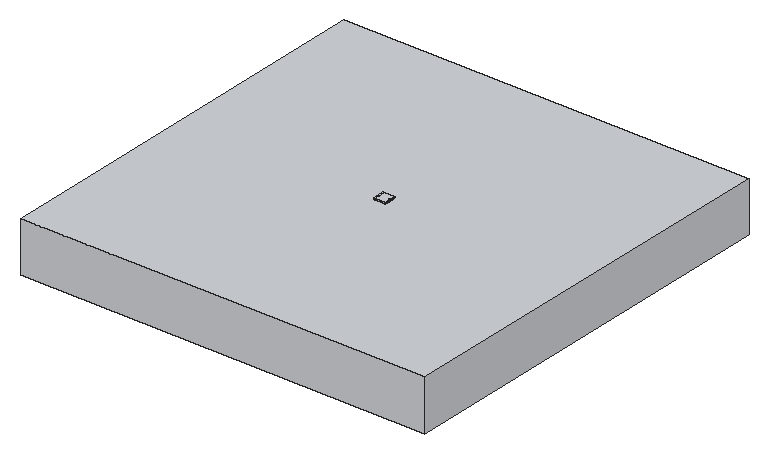
Revit family "Gira_2031112", category Elektroinstallationen, Revit 2017
Family settings
  Basisbauteil = Fläche
  Beschriftungsausrichtung beibehalten = Nein
  Bemaßung runder Anschluss = Durchmesser verwenden
  Teiletyp = Normal
  Beim Laden mit Abzugskörper schneiden = Nein
  Gemeinsam genutzt = Nein
  Raumberechnungspunkt = Nein
Parameters (values of type "KNX Tastsens.3 Komfort 1f Flächenschalter Reinweiß")
  Werkstoffgüte = "Thermoplast"
  Werkstoff Text = "Kunststoff"
  Default Elevation = 1219.2 mm
  URL = "https://www.gira.de/"
  Typname = "KNX Tastsens.3 Komfort 1f Flächenschalter Reinweiß"
  Type Comments = ""
  Transparent = no
  Schutzart (IP) = "IP20"
  RAL-Nummer (ähnlich) = 9010
  Produktseite = "https://media.stage.bim.site/t/eyJhbGciOiJIUzI1NiIsInR5cCI6IkpXVCJ9.eyJjdCI6MiwidHUiOiJodHRwOi8va2F0YWxvZy5naXJhLmRlL2RlX0RFL2RhdGVuYmxhdHQuaHRtbD9hcnRpa2VsbnI9MjAzMTExMiIsImNpZCI6IjMyNzdjYzIzLTgxYTktNGVlMy1hOTBhLWI0N2JiNGMwYjYxNiIsInJpZCI6ImQ4ZjU0YzllMmNiNjYyMmJkOTgzNDZiZmRmOTBkYTUxIiwicGlkIjoiMTgzMjhiNTlmMDk4ZjlmMGU0MDNhZjRmMjc1OTE5MWFiZDkwODIyNyIsInNpZCI6IjYzNDcwIiwidXQiOjEsImxjIjoiZGUiLCJpYXQiOjE2MDA5Mzg5MTUsImlzcyI6Imh0dHBzOi8vYXBpLmxpdmUuYmltLnNpdGUiLCJzdWIiOiJhZG1pbkBiaW1zaXRlLmRldiJ9.j_7dcCCr_lcJ720bgW3brWN0E_F_a-xTjkkbLwxei5M"
  Oberfläche Text = "sonstige"
  Montageart = "Unterputz"
  Model = ""
  Mit Raumthermostat = yes
  Mit LED-Anzeige = yes
  Mit Infrarotsensor = no
  Mit Display = no
  Mit Diebstahl-/Demontageschutz = yes
  Mit Busankopplung = no
  Mit Beschriftungsfeld = no
  Kosten = 0
  Hersteller = "Gira"
  HeinzeBIM = "https://www.heinze.de/bim/knx-tastsens-3-komfort-1f-flaechenschalter-reinweiss/18328b59f098f9f0e403af4f2759191abd908227"
  HAN = "2031112"
  GTIN = "4010337081760"
  Farbe = "weiß"
  Datenblatt 1 = "https://media.stage.bim.site/t/eyJhbGciOiJIUzI1NiIsInR5cCI6IkpXVCJ9.eyJjdCI6MSwidGYiOiJwdWJsaWMvZ2lyYS9hZThjNTU3LzIwMzExMTIudHh0IiwiY2lkIjoiMzI3N2NjMjMtODFhOS00ZWUzLWE5MGEtYjQ3YmI0YzBiNjE2IiwicmlkIjoiZDhmNTRjOWUyY2I2NjIyYmQ5ODM0NmJmZGY5MGRhNTEiLCJwaWQiOiIxODMyOGI1OWYwOThmOWYwZTQwM2FmNGYyNzU5MTkxYWJkOTA4MjI3Iiwic2lkIjoiNjM0NzAiLCJ1dCI6MSwibGMiOiJkZSIsImlhdCI6MTYwMDkzODkxNSwiaXNzIjoiaHR0cHM6Ly9hcGkubGl2ZS5iaW0uc2l0ZSIsInN1YiI6ImFkbWluQGJpbXNpdGUuZGV2In0.pHJmDiF0TXhnejSbkIDYzpcNWQ3xjX9ujyr2mE-iAYM/2031112.txt"
  Datenblatt = "https://media.stage.bim.site/t/eyJhbGciOiJIUzI1NiIsInR5cCI6IkpXVCJ9.eyJjdCI6MSwidHUiOiJodHRwczovL2thdGFsb2cuZ2lyYS5kZS9kZV9ERS9kb3dubG9hZC5odG1sP2FydGlrZWxucj0yMDMxMTEyIiwiY2lkIjoiMzI3N2NjMjMtODFhOS00ZWUzLWE5MGEtYjQ3YmI0YzBiNjE2IiwicmlkIjoiZDhmNTRjOWUyY2I2NjIyYmQ5ODM0NmJmZGY5MGRhNTEiLCJwaWQiOiIxODMyOGI1OWYwOThmOWYwZTQwM2FmNGYyNzU5MTkxYWJkOTA4MjI3Iiwic2lkIjoiNjM0NzAiLCJ1dCI6MSwibGMiOiJkZSIsImlhdCI6MTYwMDkzODkxNSwiaXNzIjoiaHR0cHM6Ly9hcGkubGl2ZS5iaW0uc2l0ZSIsInN1YiI6ImFkbWluQGJpbXNpdGUuZGV2In0.jgGAIDbVmE5SmHwjlXeywBHQiqtLdSh_byuBrRb3si0"
  Bussystem Powernet = no
  Bussystem LON = no
  Bussystem KNX-Funk = no
  Bussystem KNX = yes
  Bussystem Funkbus = no
  Beschreibung = "KNX Tastsensor 3 Komfort 1fach  Reinweiß glänzend Merkmale:  Montage auf Busankoppler 3.  Demontageschutz durch Verschraubung.  Zwei mehrfarbige Status-LEDs je Bedienfläche.  Integrierter Temperatursensor zum Messen und Weiterleiten der lokalen Raumtemperatur.  Wippen- oder Tastenfunktion für jede Bedienfläche einstellbar.  Wippenfunktion: Schalten, Dimmen, Jalousiesteuerung, Wertgeber 1 Byte, Wertgeber 2 Byte und Szenennebenstelle.  Tastenfunktion: Schalten, Dimmen, Jalousiesteuerung, Wertgeber 1 Byte, Wertgeber 2 Byte, Szenennebenstelle und Raumtemperaturregler-Nebenstelle.  Reglernebenstelle: Betriebsmodusumschaltung mit normaler und hoher Priorität, definierte Wahl eines Betriebsmodus, Wechsel zwischen verschiedenen Betriebsmodi, Wechsel des Präsenzzustands, Sollwertverschiebung.  Sperrobjekt zum Sperren von einzelnen Tasten- bzw. Wippenfunktionen.  Anzeige einer Alarmmeldung durch Blinken sämtlicher LEDs.  Mehrfarbige Status-LED (rot, grün, blau) ist global oder jeweils getrennt konfigurierbar. Über den Bus kann eine überlagerte Funktion aktiviert werden, wodurch Farbe und Anzeigeinformation einzelner Status-LEDs prioritätsbedingt verändert werden können.  Weiße Betriebs-LED.  Betriebs-LED EIN, AUS, automatische Abschaltung oder über Objekt schaltbar.  Kommunikationsobjekt zur Helligkeitssteuerung der Status-LED und Betriebs-LED (z. B. für nächtliche Reduzierung der Helligkeit in Schlafräumen).  Hinweise :  Professionelle Beschriftung über den Gira Beschriftungsservice www.beschriftung.gira.de."
  Assembly Code = ""
  Keynote = ""
  BIMSITE_PRODUCT_ID = "18328b59f098f9f0e403af4f2759191abd908227"
  BIM = "https://media.stage.bim.site/t/eyJhbGciOiJIUzI1NiIsInR5cCI6IkpXVCJ9.eyJjdCI6MSwidGYiOiJwdWJsaWMvZ2lyYS9hZThjNTU3L0tOWCBUYXN0c2Vuc29yIDMgS29tZm9ydCAxZmFjaC5yZmEiLCJjaWQiOiIzMjc3Y2MyMy04MWE5LTRlZTMtYTkwYS1iNDdiYjRjMGI2MTYiLCJyaWQiOiJkOGY1NGM5ZTJjYjY2MjJiZDk4MzQ2YmZkZjkwZGE1MSIsInBpZCI6IjE4MzI4YjU5ZjA5OGY5ZjBlNDAzYWY0ZjI3NTkxOTFhYmQ5MDgyMjciLCJzaWQiOiI2MzQ3MCIsInV0Ijo1LCJsYyI6ImRlIiwiaWF0IjoxNjAwOTM4OTE1LCJpc3MiOiJodHRwczovL2FwaS5saXZlLmJpbS5zaXRlIiwic3ViIjoiYWRtaW5AYmltc2l0ZS5kZXYifQ.FNwgsENHkgQcH0qwMggZtX_qUL8eZQHUIyzGV_RuKFY/KNX Tastsensor 3 Komfort 1fach.rfa"
  Ausführung der Oberfläche = "glänzend"
  Anzahl der Tasten = 1
  Anzahl der Betätigungspunkte = 2
  Andere Bussysteme = "ohne"
Reference planes
  plane 1 "Center (Front/Back)": y = 0
  plane 2: z = 0
  plane 3 "Center (Left/Right)": x = 0
Forms (mm)
  Extrusion 1, solid
    sketch origin (0, 0, 0) x (1, 0, 0) y (0, 1, 0)
      loop
        line (-1219.2, 1219.2) -> (-1219.2, -1219.2) -> (1219.2, -1219.2) -> (1219.2, 1219.2) -> (-1219.2, 1219.2)
    from 0 to -304.8
  Extrusion 2, solid, detail levels fine
    sketch origin (0, 0, 0) x (1, 0, 0) y (0, 0, 1)
      loop
        line (-35.204, 3.097) -> (-35.258, 0) -> (-34.021, 0) -> (-33.888, 1.9) -> (33.888, 1.9) -> (34.021, 0) -> (35.258, 0) -> (35.204, 3.097) -> (34.204, 3.884) -> (35.165, 5.362) -> (35.143, 6.6) -> (-35.143, 6.6) -> (-35.165, 5.362) -> (-34.204, 3.884) -> (-35.204, 3.097)
    from -35.386 to 35.355
  Extrusion 3, solid, detail levels fine
    sketch origin (0, 0, 0) x (1, 0, 0) y (0, 0, 1)
      loop
        line (-34.914, -3.101) -> (34.914, -3.101) -> (34.835, -1.601) -> (33.811, -1.601) -> (33.523, 1.699) -> (-33.523, 1.699) -> (-33.811, -1.601) -> (-34.835, -1.601) -> (-34.914, -3.101)
    from -35 to 34.963
  SweptBlend 4, solid, detail levels fine
    path origin (0, 0, 0) x (0, 1, 0) y (0, 0, 1)
      loop
        line (0, -4.751) -> (0, -3.101)
    profile origin (0, 0, -4.751) x (0, -1, 0) y (1, 0, 0)
      loop
        line (-33.684, -33.637) -> (33.649, -33.637) -> (33.649, 33.637) -> (-33.684, 33.637) -> (-33.684, -33.637)
    end profile origin (0, 0, -3.101) x (0, -1, 0) y (1, 0, 0)
      loop
        line (33.94, -33.987) -> (33.94, 33.987) -> (-34.035, 33.987) -> (-34.035, -33.987) -> (33.94, -33.987)
  Extrusion 5, solid, detail levels fine
    sketch origin (0, 0, 0) x (1, 0, 0) y (0, 1, 0)
      loop
        line (-23.957, 19.167) -> (-23.957, 7.073) -> (-25.607, 7.073) -> (-25.607, -7.04) -> (-23.957, -7.04) -> (-23.957, -19.133)
        arc (-23.957, -19.133) -> (-22.549, -22.532) -> (-19.15, -23.94) r 4.807
        line (-19.15, -23.94) -> (19.15, -23.94)
        arc (19.15, -23.94) -> (22.549, -22.532) -> (23.957, -19.133) r 4.807
        line (23.957, -19.133) -> (23.957, -7.04) -> (25.607, -7.04) -> (25.607, 7.073) -> (23.957, 7.073) -> (23.957, 19.167)
        arc (23.957, 19.167) -> (22.549, 22.565) -> (19.15, 23.973) r 4.807
        line (19.15, 23.973) -> (-19.15, 23.973)
        arc (-19.15, 23.973) -> (-22.549, 22.565) -> (-23.957, 19.167) r 4.807
      loop
        line (-23.8, 6.217) -> (-24.95, 6.217) -> (-24.95, -6.183) -> (-23.843, -6.183) -> (-17.1, -3.181) -> (-17.1, 3.214) -> (-23.8, 6.217)
      loop
        line (23.843, 6.217) -> (17.1, 3.214) -> (17.1, -3.181) -> (23.8, -6.183) -> (24.95, -6.183) -> (24.95, 6.217) -> (23.843, 6.217)
    from -4.501 to -7.001
  Extrusion 6, solid, detail levels fine
    sketch origin (0, 0, 0) x (1, 0, 0) y (0, 1, 0)
      loop
        line (18.766, 1.305) -> (18.766, -1.275) -> (21, -2.565) -> (23.234, -1.275) -> (23.234, 1.305) -> (21, 2.595) -> (18.766, 1.305)
      loop
        line (-23.234, 1.305) -> (-23.234, -1.275) -> (-21, -2.565) -> (-18.766, -1.275) -> (-18.766, 1.305) -> (-21, 2.595) -> (-23.234, 1.305)
    from -5.101 to -7.001
  Extrusion 7, solid, detail levels fine
    sketch origin (0, 0, 0) x (1, 0, 0) y (0, 1, 0)
      loop
        line (-6.603, -21.281) -> (-6.603, -15.981) -> (6.603, -15.981) -> (6.603, -21.281) -> (7.397, -21.281) -> (7.397, -15.186) -> (-7.397, -15.186) -> (-7.397, -21.281) -> (-6.603, -21.281)
    from -7.301 to -10.401
  Extrusion 8, solid, detail levels fine
    sketch origin (0, 0, 0) x (1, 0, 0) y (0, 1, 0)
      loop
        line (-8.504, -14.749) -> (-8.504, -22.758) -> (8.504, -22.758) -> (8.504, -14.749) -> (-8.504, -14.749)
      loop
        circle (-5.08, -17.483) r 0.5
      loop
        circle (-2.54, -17.483) r 0.5
      loop
        circle (0, -17.483) r 0.5
      loop
        circle (2.54, -17.483) r 0.5
      loop
        circle (5.08, -17.483) r 0.5
      loop
        circle (5.08, -20.023) r 0.5
      loop
        circle (2.54, -20.023) r 0.5
      loop
        circle (0, -20.023) r 0.5
      loop
        circle (-2.54, -20.023) r 0.5
      loop
        circle (-5.08, -20.023) r 0.5
    from -6.527 to -7.301
  Extrusion 9, solid, detail levels fine
    sketch origin (0, 0, 0) x (1, 0, 0) y (0, 1, 0)
      loop
        line (-6.603, -18.141) -> (-6.603, -15.981) -> (-0.888, -15.981) -> (-0.888, -15.186) -> (-7.397, -15.186) -> (-7.397, -18.141) -> (-6.603, -18.141)
      loop
        line (6.603, -18.141) -> (7.397, -18.141) -> (7.397, -15.186) -> (0.888, -15.186) -> (0.888, -15.981) -> (6.603, -15.981) -> (6.603, -18.141)
    from -10.401 to -15.001
  Extrusion 10, solid, detail levels fine
    sketch origin (0, 0, 0) x (1, 0, 0) y (0, 1, 0)
      loop
        line (-14.008, -23.94) -> (-14.008, -25.541) -> (-12.361, -25.541) -> (-12.361, -24.233) -> (-9.639, -24.233) -> (-9.639, -25.541) -> (-7.992, -25.541) -> (-7.992, -23.94) -> (-14.008, -23.94)
    from -4.501 to -6.101
  Extrusion 11, solid, detail levels fine
    sketch origin (0, 0, 0) x (-1, 0, 0) y (0, -1, 0)
      loop
        line (-14.008, 23.94) -> (-7.992, 23.94) -> (-7.992, 25.541) -> (-9.639, 25.541) -> (-9.639, 24.233) -> (-12.361, 24.233) -> (-12.361, 25.541) -> (-14.008, 25.541) -> (-14.008, 23.94)
    from -4.501 to -6.101
  Extrusion 12, solid, detail levels fine
    sketch origin (0, 0, 0) x (-1, 0, 0) y (0, -1, 0)
      loop
        line (-14.008, -23.867) -> (-14.008, -25.574) -> (-12.361, -25.574) -> (-12.361, -24.233) -> (-9.639, -24.233) -> (-9.639, -25.574) -> (-7.992, -25.574) -> (-7.992, -23.867) -> (-14.008, -23.867)
    from -4.501 to -6.101
  Extrusion 13, solid, detail levels fine
    sketch origin (0, 0, 0) x (1, 0, 0) y (0, 1, 0)
      loop
        line (-14.008, 23.867) -> (-7.992, 23.867) -> (-7.992, 25.574) -> (-9.639, 25.574) -> (-9.639, 24.233) -> (-12.361, 24.233) -> (-12.361, 25.574) -> (-14.008, 25.574) -> (-14.008, 23.867)
    from -4.501 to -6.101
  Revolve 14, solid, detail levels fine
    sketch origin (0, 0, 0) x (1, 0, 0) y (0, 0, 1)
      loop
        line (-29, 7) -> (-30.327, 6) -> (-28, 6) -> (-28, 7) -> (-29, 7)
      axis (-28, 7) -> (-28, 6)
    angle from 0 to 360
  Revolve 15, solid, detail levels fine
    sketch origin (0, 0, 0) x (-1, 0, 0) y (0, 0, 1)
      loop
        line (-29, 7) -> (-30.327, 6) -> (-28, 6) -> (-28, 7) -> (-29, 7)
      axis (-28, 7) -> (-28, 6)
    angle from 0 to 360
  Extrusion 16, solid, detail levels coarse
    sketch origin (0, 0, 0) x (1, 0, 0) y (0, 1, 0)
      loop
        line (35.258, 35.386) -> (-35.258, 35.386) -> (-35.258, -35.355) -> (35.258, -35.355) -> (35.258, 35.386)
    from -15.001 to 7
  Extrusion 17, solid, detail levels medium
    sketch origin (0, 0, 0) x (1, 0, 0) y (0, 1, 0)
      loop
        line (35.258, 35.386) -> (-35.258, 35.386) -> (-35.258, -35.355) -> (35.258, -35.355) -> (35.258, 35.386)
    from 0 to 7
  Extrusion 18, solid, detail levels medium
    sketch origin (0, 0, 0) x (1, 0, 0) y (0, 1, 0)
      loop
        line (-34.914, 35.017) -> (-34.914, -34.994) -> (34.914, -34.994) -> (34.914, 35.017) -> (-34.914, 35.017)
    from 0 to -4.754
  Extrusion 19, solid, detail levels medium
    sketch origin (0, 0, 0) x (1, 0, 0) y (0, 1, 0)
      loop
        line (-23.957, 23.973) -> (-23.957, -23.94) -> (23.957, -23.94) -> (23.957, 23.973) -> (-23.957, 23.973)
    from -7.001 to -4.751
  Extrusion 20, solid, detail levels medium
    sketch origin (0, 0, 0) x (1, 0, 0) y (0, 1, 0)
      loop
        line (-7.397, -15.186) -> (-7.397, -21.281) -> (7.397, -21.281) -> (7.397, -15.186) -> (-7.397, -15.186)
    from -15.001 to 0
Lines and regions (mm)
  reference lines
    curve 1: line (0, 35.386, 0) -> (0, -35.355, 0)
Dimensions and locks
  aligned and locked: plane 2 to Extrusion 1
  aligned and locked: level to Extrusion 1
Connectors
  electrical at (0, -18.753, -7.301)
    settings: on Extrusion 8, index 1, voltage 220 V, apparent load 0 VA, apparent load phase1 0 VA, apparent load phase2 0 VA, apparent load phase3 0 VA, power factor 1, load classification "Other", number of poles 1, system type 31, power factor state 1, is connector primary yes, connector utility no, sub classification motor no, connector description ""
